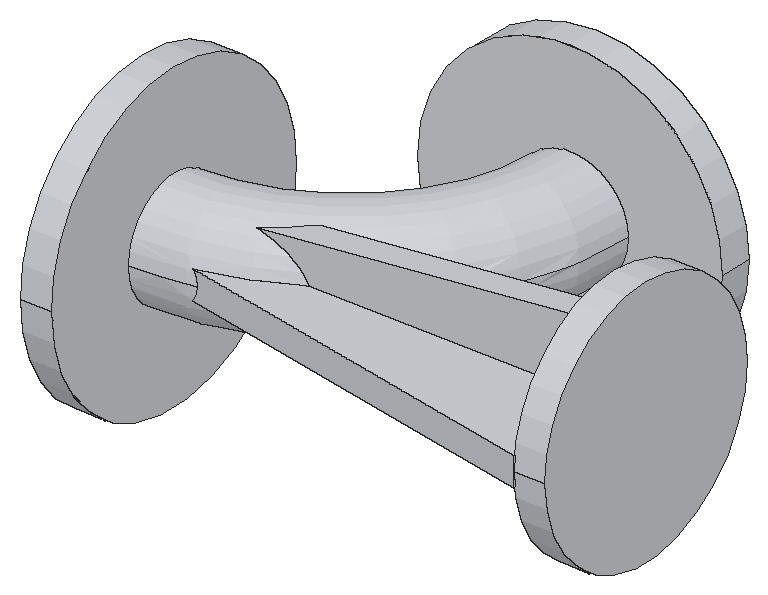
Revit family "0138124043e74adf9817c917006689a6", category Pipe Fittings, Revit 2021
Family settings
  Round Connector Dimension = Use Radius
  Part Type = Elbow
  OmniClass Number = 23.60.30.11.14
  OmniClass Title = Pipework Fittings
  Seek Item ID = Elbow Round Base - Flanged - GI - Class 125-0000-USA-ENU
  Work Plane-Based = No
  Always vertical = Yes
  Cut with Voids When Loaded = No
  Shared = No
Parameters (values of type "Standard")
  Wall Thickness [instance] = size_lookup(Lookup Table Name, "WThk", 0.04 * Nominal Diameter + 5/16", Nominal Diameter)  # 0.31102"
  Tick Size [instance] = Flange Diameter * 0.4  # 1.70079"
  Round Base Radius [instance] = Round Base Diameter / 2  # 1.75197"
  Round Base Diameter [instance] = size_lookup(Lookup Table Name, "RBD", 0.49 * Nominal Diameter + 3 203/256", Nominal Diameter)  # 3.50394"
  Ribs Thickness [instance] = size_lookup(Lookup Table Name, "RThk", 0.04 * Nominal Diameter + 109/256", Nominal Diameter)  # 0.3937"
  Loss Method = K Coefficient from Table
  Lookup Table Name = "Elbow Round Base - Flanged - GI - Class 125"
  Length 5 [instance] = Center to Face * sin(Angle)  # 3.50394"
  Length 4 [instance] = Center to Face * cos(Angle) + Center to Face  # 3.50394"
  Length 3 [instance] = sqrt(2 * Ribs Thickness * Center Radius - Ribs Thickness * Ribs Thickness)  # 1.5033"
  Length 2 [instance] = if(Round Base Radius * 0.3 < Fitting Outside Radius * 0.8, Round Base Radius * 0.3, Fitting Outside Radius * 0.8)  # 0.52559"
  K Coefficient Table = "Regular Flanged 90 and 180 Elbow"
  Fitting Outside Radius [instance] = Fitting Outside Diameter / 2  # 0.80315"
  Fitting Outside Diameter [instance] = Fitting Inside Diameter + Wall Thickness * 2  # 1.6063"
  Length 1 [instance] = (Fitting Outside Radius + 1/32") * tan(Angle / 2) + Flange Thickness  # 1.27141"
  Nominal Radius [instance] = 1/2"
  Nominal Diameter [instance] = Nominal Radius * 2  # 1"
  Fitting Inside Diameter [instance] = size_lookup(Lookup Table Name, "FID", 1.02 * Nominal Diameter - 11/256", Nominal Diameter)  # 0.98425"
  Default Elevation = 0' - 0"
  Center to Face 1 [instance] = size_lookup(Lookup Table Name, "CtF1", 0.68 * Nominal Diameter + 3 49/64", Nominal Diameter)  # 3.50394"
  Center to Face 2 [instance] = size_lookup(Lookup Table Name, "CtF2", 0.46 * Nominal Diameter + 1 19/32", Nominal Diameter)  # 1.77165"
  Center to Face [instance] = if(and(Angle > 0.00°, (not(Angle > 45.00°))), if(Center to Face 2 > Fitting Outside Radius * tan(Angle / 2) + Flange Thickness, Center to Face 2, Length 1), if(Center to Face 1 > Fitting Outside Radius * tan(Angle / 2) + Flange Thickness, Center to Face 1, Length 1))  # 3.50394"
  Center to Base [instance] = size_lookup(Lookup Table Name, "CtB", 0.68 * Nominal Diameter + 2 7/8", Nominal Diameter)  # 3.50394"
  Center Radius [instance] = (Center to Face - Flange Thickness) / tan(Angle / 2)  # 3.06693"
  Flange Thickness [instance] = size_lookup(Lookup Table Name, "FThk", 0.05 * Nominal Diameter + 161/256", Nominal Diameter)  # 0.43701"
  Flange Radius [instance] = Flange Diameter / 2  # 2.12598"
  Flange Diameter [instance] = size_lookup(Lookup Table Name, "FDia", 1.19 * Nominal Diameter + 3 31/32", Nominal Diameter)  # 4.25197"
  Base Thickness [instance] = size_lookup(Lookup Table Name, "BThk", 0.036 * Nominal Diameter + 15/32", Nominal Diameter)  # 0.43307"
  Assembly Code = ""
  Angle [instance] = 90.00°
Reference planes (in)
  plane 1 "Center (Front/Back)": y = 0
  plane 2: z = 0
  plane 3 "Center (Left/Right)": x = 0
  plane 4: x = -3.06693
  plane 5: x = -3.50394
  plane 6: y = 3.06693
  plane 7: y = 1.70079
  plane 8: y = -1.70079
  plane 9: x = 3.07087
  plane 10: x = 3.50394
  plane 11: z = 0.19685
  plane 12: z = -0.19685
  plane 13: y = -0.19685
  plane 14: y = 0.19685
  plane 15: x = -1.56363
  plane 16: y = 0.3937
  plane 17: x = 0
  plane 18: y = 3.50394
Forms (in)
  Sweep 1, solid, detail levels fine
    path in 3D
      loop
        arc (-3.06693, 0, 0) -> (-0.89828, 0.89828, 0) -> (0, 3.06693, 0) r 3.06693
    profile origin (-0.89828, 0.89828, 0) x (-0.707107, 0.707107, 0) y (0, 0, 1)
      loop
        circle (0, 0) r 0.80315
  Sweep 2, solid, detail levels fine
    path in 3D
      loop
        line (-3.50394, 0, 0) -> (-3.06693, 0, 0)
    profile origin (-3.28543, 0, 0) x (0, 1, 0) y (0, 0, 1)
      loop
        circle (0, 0) r 2.12598
  Sweep 3, solid, detail levels fine
    path in 3D
      loop
        line (0, 3.06693, 0) -> (0, 3.50394, 0)
    profile origin (0, 3.28543, 0) x (-1, 0, 0) y (0, 0, 1)
      loop
        circle (0, 0) r 2.12598
  Extrusion 4, solid, detail levels fine
    sketch origin (0, 0, 0) x (0, 1, 0) y (0, 0, 1)
      loop
        circle (0, 0) r 1.75197
    from 3.07087 to 3.50394
  Extrusion 5, solid, detail levels fine
    sketch origin (0, 0, 0) x (1, 0, 0) y (0, 1, 0)
      loop
        line (-3.06693, 0.52559) -> (-3.06693, -0.52559) -> (3.07087, -1.75197) -> (3.07087, 1.75197) -> (-3.06693, 0.52559)
    from -0.19685 to 0.19685
  Extrusion 6, solid, detail levels fine
    sketch origin (0, 0, 0) x (1, 0, 0) y (0, 0, 1)
      loop
        line (-3.06693, 0.52559) -> (-3.06693, -0.52559) -> (3.07087, -1.17198) -> (3.07087, 1.17198) -> (-3.06693, 0.52559)
    from -0.19685 to 0.19685
Cuts and joins
  joined: Sweep 1, Sweep 2, Sweep 3, Extrusion 4, Extrusion 5, Extrusion 6
Lines and regions (in)
  model lines, detail levels coarse+medium
    curve 1: line (-3.50394, 0, 0) -> (-3.06693, 0, 0)
    curve 2: arc (-3.06693, 0, 0) -> (-0.89828, 0.89828, 0) -> (0, 3.06693, 0) r 3.06693
    curve 3: line (0, 3.06693, 0) -> (0, 3.50394, 0)
    curve 8: line (-3.50394, 0, 0) -> (-3.50394, 1.70079, 0)
    curve 9: line (-3.50394, 0, 0) -> (-3.50394, -1.70079, 0)
    curve 10: line (0, 3.50394, 0) -> (-1.70079, 3.50394, 0)
    curve 11: line (0, 3.50394, 0) -> (1.70079, 3.50394, 0)
    curve 12: line (-3.06693, 0, 0) -> (3.50394, 0, 0)
    curve 14: line (-1.56363, 0.3937, 0) -> (3.50394, 0.3937, 0)
  sketch lines
    curve 4: arc (-3.06693, 0, 0) -> (-0.89828, 0.89828, 0) -> (0, 3.06693, 0) r 3.06693
    curve 5: line (-3.50394, 0, 0) -> (-3.06693, 0, 0)
    curve 6: line (0, 3.06693, 0) -> (0, 3.50394, 0)
  reference lines
    curve 7: line (-3.50394, 0, 0) -> (-3.06693, 0, 0)
    curve 13: line (0, 3.50394, 0) -> (0, 3.06693, 0)
Dimensions and locks (in)
  "Center Radius": plane 6 to plane 1 "Center (Front/Back)"
  "Flange Thickness": plane 5 to plane 4
  "Tick Size": plane 7 to plane 1 "Center (Front/Back)"
  "Tick Size": plane 8 to plane 1 "Center (Front/Back)"
  "Flange Thickness": curve 3 to curve 3
  "Tick Size": curve 10 to curve 10
  "Tick Size": curve 11 to curve 11
  "Center to Face": plane 5 to plane 3 "Center (Left/Right)"
  "Center to Base": plane 3 "Center (Left/Right)" to plane 10
  "Base Thickness": plane 9 to plane 10
  equal spacing: Extrusion 5 sketch curve, plane 1 "Center (Front/Back)", Extrusion 5 sketch curve  (x2)
  "Round Base Diameter": Extrusion 5 sketch curve to Extrusion 5 sketch curve
  "Length 2": plane 1 "Center (Front/Back)" to Extrusion 5 sketch curve
  equal spacing: plane 11, plane 2, plane 12
  "Ribs Thickness": plane 11 to plane 12
  equal spacing: Extrusion 6 sketch curve, plane 2, Extrusion 6 sketch curve  (x2)
  "Length 2": Extrusion 6 sketch curve to plane 2
  equal spacing: plane 13, plane 1 "Center (Front/Back)", plane 14
  "Ribs Thickness": plane 13 to plane 14
  "Length 3": plane 4 to plane 15
  "Ribs Thickness": plane 1 "Center (Front/Back)" to plane 16
  "Length 4": plane 5 to plane 17
  "Length 5": plane 18 to plane 1 "Center (Front/Back)"
  "Center Radius": radius of curve 2
  "Fitting Outside Radius": radius of Sweep 1 sketch curve
  "Flange Radius": radius of Sweep 2 sketch curve
  "Flange Radius": radius of Sweep 3 sketch curve
  "Round Base Radius": radius of Extrusion 4 sketch curve
  "Angle": angle curve 2 to curve 2
  "Angle": angle plane 1 "Center (Front/Back)" to curve 3
  locked: curve 11 to curve 3 (angle 90.00°)
  locked: curve 3 to curve 10 (angle 90.00°)
  "Angle": angle plane 18 to curve 13
  aligned and locked: plane 5 to curve 7
  aligned and locked: plane 1 "Center (Front/Back)" to curve 7
  aligned and locked: plane 7 to curve 8
  aligned and locked: plane 1 "Center (Front/Back)" to curve 9
  aligned and locked: plane 8 to curve 9
  aligned and locked: curve 9 to plane 5
  aligned and locked: plane 2 to Extrusion 4 sketch curve
  aligned and locked: plane 1 "Center (Front/Back)" to Extrusion 4 sketch curve
  aligned and locked: Extrusion 4 to plane 9
  aligned and locked: plane 10 to Extrusion 4
  aligned and locked: plane 9 to Extrusion 5 sketch curve
  aligned and locked: Extrusion 5 to plane 12
  aligned and locked: plane 11 to Extrusion 5
  aligned and locked: plane 9 to Extrusion 6 sketch curve
  aligned and locked: Extrusion 6 to plane 13
  aligned and locked: plane 14 to Extrusion 6
  aligned and locked: plane 4 to curve 12
  aligned and locked: plane 10 to curve 12
  aligned and locked: plane 1 "Center (Front/Back)" to curve 12
  aligned and locked: plane 17 to curve 13
  aligned and locked: plane 18 to curve 13
  aligned and locked: plane 15 to curve 14
  aligned and locked: plane 10 to curve 14
  aligned and locked: curve 14 to plane 16
Automatic sketch dimensions
  Sweep 1 sketch curve to profile plane = 0' - 0"  (x2)
  Sweep 2 sketch curve to profile plane = 0' - 0"  (x2)
  Sweep 3 sketch curve to profile plane = 0' - 0"  (x2)
  Extrusion 6 sketch curve to plane 12 = 0' - 0.97513"
  curve 7 to plane 4 = 0' - 0"
  Extrusion 5 sketch curve to plane 4 = 0' - 0"
  Extrusion 6 sketch curve to plane 4 = 0' - 0"
Connectors (in)
  piping at (-3.50394, 0, 0), diameter 1, driven by "Angle", driven by "Nominal Radius"
    settings: on cut or joined group of Sweep 1, Sweep 2, Sweep 3, Extrusion 4, Extrusion 5, Extrusion 6, index 1, connector inside diameter 1", connector length 0' - 0", flow factor 0, pipe flow 0 GPM, pressure drop 0.00 psi, fitting loss kfactor 0, connector angle 90.00°, fixture units 0, engagement length 0' - 0", angle of deflection 0.00°, flow configuration 0, flow direction 0, fitting loss method 0, system type 28, joint type 0, gender type 0, connector reference index 2, connector utility 0, adjustable connector no, is connector primary yes, connector description ""
  piping at (0, 3.50394, 0), diameter 1, driven by "Angle", driven by "Nominal Radius"
    settings: on cut or joined group of Sweep 1, Sweep 2, Sweep 3, Extrusion 4, Extrusion 5, Extrusion 6, index 2, connector inside diameter 1", connector length 0' - 0", flow factor 0, pipe flow 0 GPM, pressure drop 0.00 psi, fitting loss kfactor 0, connector angle 90.00°, fixture units 0, engagement length 0' - 0", angle of deflection 0.00°, flow configuration 0, flow direction 0, fitting loss method 0, system type 28, joint type 0, gender type 0, connector reference index 1, connector utility 0, adjustable connector no, is connector primary no, connector description ""
